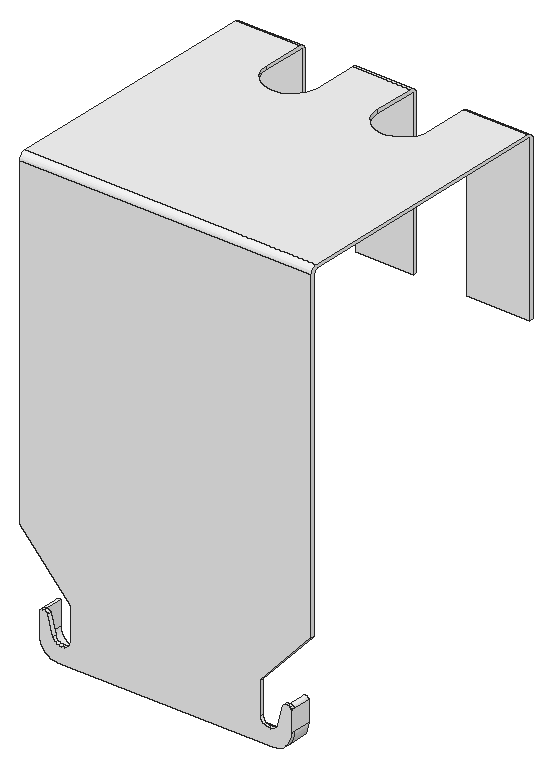
Revit family "wclip_75", category 機械設備, Revit 2022
Family settings
  丸型コネクタ寸法 = 直径を使用
  種別 = なし
  パーツ タイプ = 標準
  作業面ベース = いいえ
  常に垂直 = はい
  ロード時にボイドで切り取り = いいえ
  注釈の向きを維持 = いいえ
  共有 = いいえ
  部屋計算ポイント = いいえ
Parameters
  製造元 = "株式会社桐井製作所"
  既定の高さ = 0 mm
  URL = "https://www.kirii.co.jp/"
  K_品名 = "特殊75mmWクリップ"
  K_名称 = "特殊クリップ"
  K_入数 = "300"
  K_バージョン情報 = "20211012"
Reference planes
  plane 1 "中心(正面/背面)": y = 0
  plane 2: z = 0
  plane 3 "中心(左/右)": x = 0
Forms (mm)
  Extrusion 1, solid
    sketch origin (0, 30, 0) x (0, 1, 0) y (0, 0, 1)
      loop
        line (-30, 0) -> (-29.45, -0.64) -> (-29.45, 81.75)
        arc (-29.45, 81.75) -> (-29.084, 82.634) -> (-28.2, 83) r 1.25
        line (-28.2, 83) -> (21.65, 83) -> (21.65, 51.4) -> (22.25, 52) -> (22.25, 82.35)
        arc (22.25, 82.35) -> (21.884, 83.234) -> (21, 83.6) r 1.25
        line (21, 83.6) -> (-28.75, 83.6)
        arc (-28.75, 83.6) -> (-29.634, 83.234) -> (-30, 82.35) r 1.25
        line (-30, 82.35) -> (-30, 0)
    from -27.5 to 27.5
  Extrusion 2, void
    sketch origin (0, 0, 0) x (1, 0, 0) y (0, 0, 1)
      loop
        line (-27.5, 21) -> (-27.5, 0) -> (-20.3, 0)
        arc (-20.3, 0) -> (-22.775, 1.025) -> (-23.8, 3.5) r 3.5
        line (-23.8, 3.5) -> (-23.8, 7.4)
        arc (-23.8, 7.4) -> (-23.546, 7.89) -> (-23, 7.966) r 0.6
        arc (-23, 7.966) -> (-22.498, 7.948) -> (-22.177, 7.562) r 0.615
        line (-22.177, 7.562) -> (-21.207, 4.096)
        arc (-21.207, 4.096) -> (-20.595, 3.252) -> (-19.581, 3.011) r 1.5
        arc (-19.581, 3.011) -> (-18.405, 3.377) -> (-17.9, 4.5) r 1.5
        line (-17.9, 4.5) -> (-17.9, 10.5) -> (-27.5, 21)
      loop
        line (27.5, 21) -> (17.9, 10.5) -> (17.9, 4.5)
        arc (17.9, 4.5) -> (18.405, 3.377) -> (19.581, 3.011) r 1.5
        arc (19.581, 3.011) -> (20.595, 3.252) -> (21.207, 4.096) r 1.5
        line (21.207, 4.096) -> (22.177, 7.562)
        arc (22.177, 7.562) -> (22.498, 7.948) -> (23, 7.966) r 0.615
        arc (23, 7.966) -> (23.546, 7.89) -> (23.8, 7.4) r 0.6
        line (23.8, 7.4) -> (23.8, 3.5)
        arc (23.8, 3.5) -> (22.775, 1.025) -> (20.3, 0) r 3.5
        line (20.3, 0) -> (27.5, 0) -> (27.5, 21)
    from -0.6 to 0.213
  Extrusion 3, void
    sketch origin (0, -0.6, -0.8) x (0, 1, 0) y (0, 0, 1)
      loop
        line (0.387, 0.8) -> (0.387, -0.064) -> (1.428, -0.064) -> (1.428, 0.8) -> (0.387, 0.8)
    from -27.5 to 27.5
  Extrusion 4, solid
    sketch origin (0, 0, 0) x (1, 0, 0) y (0, 0, 1)
      loop
        line (-23.8, 7.4) -> (-23.8, 3.5)
        arc (-23.8, 3.5) -> (-22.775, 1.025) -> (-20.3, 0) r 3.5
        line (-20.3, 0) -> (20.3, 0)
        arc (20.3, 0) -> (22.775, 1.025) -> (23.8, 3.5) r 3.5
        line (23.8, 3.5) -> (23.8, 7.4)
        arc (23.8, 7.4) -> (23.546, 7.89) -> (23, 7.966) r 0.6
        line (23, 7.966) -> (23, 3.5)
        arc (23, 3.5) -> (22.209, 1.591) -> (20.3, 0.8) r 2.7
        line (20.3, 0.8) -> (-20.3, 0.8)
        arc (-20.3, 0.8) -> (-22.209, 1.591) -> (-23, 3.5) r 2.7
        line (-23, 3.5) -> (-23, 7.966)
        arc (-23, 7.966) -> (-23.546, 7.89) -> (-23.8, 7.4) r 0.6
    from -4 to -0.6
  Extrusion 5, void
    sketch origin (0, 35.37, 32.255) x (0, 1, 0) y (0, 0, 1)
      loop
        line (15.7, 19.745) -> (15.7, 18.89) -> (16.88, 18.89) -> (16.88, 19.745) -> (15.7, 19.745)
    from -27.5 to 27.5
  Extrusion 6, void
    sketch origin (0, 4.75, 6.15) x (1, 0, 0) y (0, 1, 0)
      loop
        line (-15.5, 47.5) -> (-15.5, 38.25)
        arc (-15.5, 38.25) -> (-10.5, 33.25) -> (-5.5, 38.25) r 5
        line (-5.5, 38.25) -> (-5.5, 47.5) -> (-15.5, 47.5)
      loop
        line (5.5, 47.5) -> (5.5, 38.25)
        arc (5.5, 38.25) -> (10.5, 33.25) -> (15.5, 38.25) r 5
        line (15.5, 38.25) -> (15.5, 47.5) -> (5.5, 47.5)
    from 45.85 to 83.85
Cuts and joins
  Extrusion 2, Extrusion 3, Extrusion 5, Extrusion 6 cuts Extrusion 1
  Extrusion 5, Extrusion 6 cuts Extrusion 4
  joined: Extrusion 1, Extrusion 4
Dimensions and locks
  aligned and locked: level to plane 2
Automatic sketch dimensions
  Extrusion 1 sketch curve to plane 1 "中心(正面/背面)" = 0 mm
  Extrusion 1 sketch curve to level = 0 mm
  Extrusion 1 sketch curve to plane 1 "中心(正面/背面)" = 0.55 mm
  Extrusion 1 sketch curve to plane 1 "中心(正面/背面)" = 1.25 mm
  Extrusion 1 sketch curve to Extrusion 1 sketch curve = 0.55 mm
  Extrusion 1 sketch curve to Extrusion 1 sketch curve = 49.2 mm
  Extrusion 1 sketch curve to Extrusion 1 sketch curve = 0.65 mm  (x2)
  Extrusion 1 sketch curve to Extrusion 1 sketch curve = 0.6 mm  (x2)
  Extrusion 1 sketch curve to level = 0.64 mm
  level to Extrusion 1 sketch curve = 51.4 mm
  Extrusion 1 sketch curve to Extrusion 1 sketch curve = 30.35 mm
  Extrusion 2 sketch curve to level = 0 mm  (x2)
  Extrusion 2 sketch curve to plane 3 "中心(左/右)" = 27.5 mm
  Extrusion 2 sketch curve to Extrusion 2 sketch curve = 3.7 mm  (x2)
  Extrusion 2 sketch curve to Extrusion 2 sketch curve = 0.6 mm  (x2)
  Extrusion 2 sketch curve to Extrusion 2 sketch curve = 0.431 mm  (x2)
  level to Extrusion 2 sketch curve = 7.562 mm
  Extrusion 2 sketch curve to Extrusion 2 sketch curve = 0.592 mm  (x2)
  level to Extrusion 2 sketch curve = 4.096 mm  (x2)
  Extrusion 2 sketch curve to Extrusion 2 sketch curve = 2.593 mm
  Extrusion 2 sketch curve to Extrusion 2 sketch curve = 0.907 mm  (x2)
  Extrusion 2 sketch curve to Extrusion 2 sketch curve = 0.538 mm  (x2)
  Extrusion 2 sketch curve to Extrusion 2 sketch curve = 0.362 mm  (x2)
  Extrusion 2 sketch curve to Extrusion 2 sketch curve = 4.277 mm
  plane 3 "中心(左/右)" to Extrusion 2 sketch curve = 17.9 mm
  Extrusion 2 sketch curve to Extrusion 2 sketch curve = 1.5 mm
  Extrusion 2 sketch curve to Extrusion 2 sketch curve = 0.971 mm
  Extrusion 2 sketch curve to Extrusion 2 sketch curve = 1 mm  (x2)
  Extrusion 2 sketch curve to Extrusion 2 sketch curve = 0 mm  (x3)
  Extrusion 2 sketch curve to Extrusion 2 sketch curve = 3.301 mm
  Extrusion 2 sketch curve to Extrusion 2 sketch curve = 0.166 mm  (x2)
  Extrusion 2 sketch curve to Extrusion 2 sketch curve = 0.004 mm  (x2)
  Extrusion 2 sketch curve to Extrusion 2 sketch curve = 2.938 mm  (x2)
  Extrusion 2 sketch curve to Extrusion 2 sketch curve = 13.034 mm  (x2)
  Extrusion 3 sketch curve to level = 0 mm
  plane 1 "中心(正面/背面)" to Extrusion 3 sketch curve = 0.213 mm
  Extrusion 3 sketch curve to plane 1 "中心(正面/背面)" = 0.828 mm
  Extrusion 3 sketch curve to level = 0.865 mm
  Extrusion 4 sketch curve to Extrusion 4 sketch curve = 0 mm  (x4)
  Extrusion 4 sketch curve to level = 0 mm
  level to Extrusion 4 sketch curve = 7.4 mm
  Extrusion 4 sketch curve to plane 3 "中心(左/右)" = 23.8 mm
  Extrusion 4 sketch curve to Extrusion 4 sketch curve = 0.6 mm  (x2)
  Extrusion 4 sketch curve to Extrusion 4 sketch curve = 0.2 mm
  Extrusion 4 sketch curve to Extrusion 4 sketch curve = 2.7 mm  (x2)
  plane 3 "中心(左/右)" to Extrusion 4 sketch curve = 20.3 mm
  Extrusion 4 sketch curve to Extrusion 4 sketch curve = 3.9 mm
  Extrusion 5 sketch curve to plane 1 "中心(正面/背面)" = 51.071 mm
  Extrusion 5 sketch curve to Extrusion 5 sketch curve = 1.179 mm
  level to Extrusion 5 sketch curve = 51.144 mm
  Extrusion 5 sketch curve to Extrusion 5 sketch curve = 0.856 mm
  plane 3 "中心(左/右)" to Extrusion 6 sketch curve = 5.5 mm
  Extrusion 6 sketch curve to plane 1 "中心(正面/背面)" = 43 mm
  Extrusion 6 sketch curve to Extrusion 6 sketch curve = 5 mm  (x2)
  Extrusion 6 sketch curve to plane 3 "中心(左/右)" = 5.5 mm
  Extrusion 6 sketch curve to Extrusion 6 sketch curve = 0 mm
  Extrusion 6 sketch curve to Extrusion 6 sketch curve = 9.25 mm  (x2)
